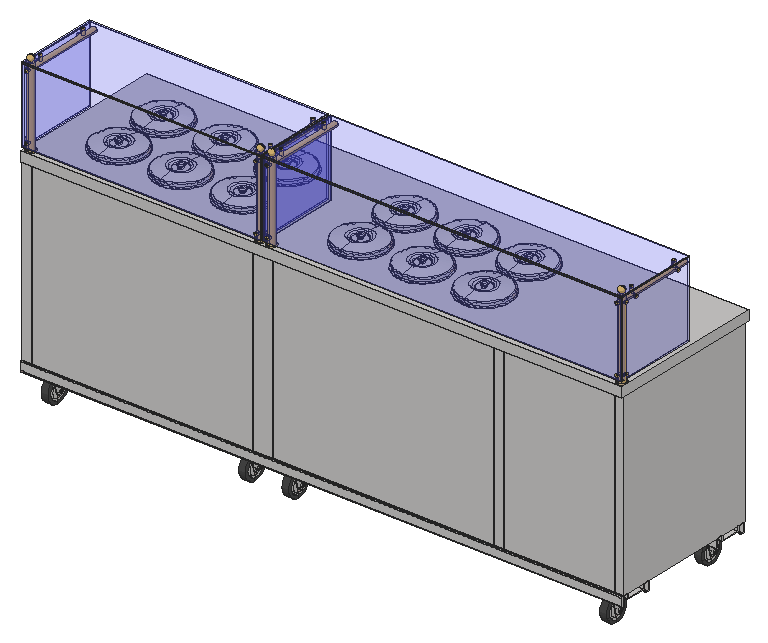
Revit family "Food-Service-Equipment_Oscartek_Pozzetti_PS12", category Specialty Equipment, Revit 2026 (continued)
Automatic sketch dimensions
  Revolve 17 sketch curve to Revolve 17 sketch curve = 1.25"
  Revolve 19 sketch curve to plane 6 "TOP" = 0.00"
  plane 6 "TOP" to Revolve 19 sketch curve = 0.09591"
  Revolve 19 sketch curve to plane 5 "FRONT" = 4.14127"
  Revolve 19 sketch curve to Revolve 19 sketch curve = 0.12788"
  Revolve 19 sketch curve to Revolve 19 sketch curve = 0.01871"
  plane 6 "TOP" to Revolve 19 sketch curve = 0.75631"
  Revolve 19 sketch curve to Revolve 19 sketch curve = 0.08296"
  Revolve 19 sketch curve to Revolve 19 sketch curve = 0.01743"
  plane 6 "TOP" to Revolve 19 sketch curve = 1.11611"
  Revolve 19 sketch curve to Revolve 19 sketch curve = 2.0406"
  Revolve 19 sketch curve to Revolve 19 sketch curve = 0.0842"
  plane 6 "TOP" to Revolve 19 sketch curve = 1.03579"
  Revolve 19 sketch curve to Revolve 19 sketch curve = 0.36232"
  plane 6 "TOP" to Revolve 19 sketch curve = 0.82743"
  Revolve 19 sketch curve to Revolve 19 sketch curve = 0.2976"
  Revolve 19 sketch curve to Revolve 19 sketch curve = 0.0692"
  Revolve 19 sketch curve to Revolve 19 sketch curve = 0.71956"
  plane 6 "TOP" to Revolve 19 sketch curve = 1.2383"
  Revolve 19 sketch curve to Revolve 19 sketch curve = 0.05255"
  plane 6 "TOP" to Revolve 19 sketch curve = 1.44972"
  Revolve 19 sketch curve to Revolve 19 sketch curve = 0.05818"
  Revolve 19 sketch curve to Revolve 19 sketch curve = 0.03836"
  Revolve 19 sketch curve to Revolve 19 sketch curve = 0.00973"
  Revolve 19 sketch curve to Revolve 19 sketch curve = 0.13923"
  Revolve 19 sketch curve to Revolve 19 sketch curve = 0.00958"
  plane 6 "TOP" to Revolve 19 sketch curve = 1.15056"
  Revolve 19 sketch curve to Revolve 19 sketch curve = 0.03968"
  plane 6 "TOP" to Revolve 19 sketch curve = 1.55005"
  Revolve 19 sketch curve to Revolve 19 sketch curve = 0.21559"
  Revolve 19 sketch curve to Revolve 19 sketch curve = 0.09403"
  Revolve 19 sketch curve to Revolve 19 sketch curve = 0.04537"
  Revolve 19 sketch curve to Revolve 19 sketch curve = 0.21383"
  Revolve 19 sketch curve to Revolve 19 sketch curve = 0.02182"
  Revolve 19 sketch curve to Revolve 19 sketch curve = 0.09749"
  Revolve 19 sketch curve to Revolve 19 sketch curve = 0.00"  (x2)
  Revolve 19 sketch curve to Revolve 19 sketch curve = 1.25"
  Revolve 22 sketch curve to plane 6 "TOP" = 0.00"
  plane 6 "TOP" to Revolve 22 sketch curve = 0.09591"
  Revolve 22 sketch curve to plane 5 "FRONT" = 4.14127"
  Revolve 22 sketch curve to Revolve 22 sketch curve = 0.12788"
  Revolve 22 sketch curve to Revolve 22 sketch curve = 0.01871"
  plane 6 "TOP" to Revolve 22 sketch curve = 0.75631"
  Revolve 22 sketch curve to Revolve 22 sketch curve = 0.08296"
  Revolve 22 sketch curve to Revolve 22 sketch curve = 0.01743"
  plane 6 "TOP" to Revolve 22 sketch curve = 1.11611"
  Revolve 22 sketch curve to Revolve 22 sketch curve = 2.0406"
  Revolve 22 sketch curve to Revolve 22 sketch curve = 0.0842"
  plane 6 "TOP" to Revolve 22 sketch curve = 1.03579"
  Revolve 22 sketch curve to Revolve 22 sketch curve = 0.36232"
  plane 6 "TOP" to Revolve 22 sketch curve = 0.82743"
  Revolve 22 sketch curve to Revolve 22 sketch curve = 0.2976"
  Revolve 22 sketch curve to Revolve 22 sketch curve = 0.0692"
  Revolve 22 sketch curve to Revolve 22 sketch curve = 0.71956"
  plane 6 "TOP" to Revolve 22 sketch curve = 1.2383"
  Revolve 22 sketch curve to Revolve 22 sketch curve = 0.05255"
  plane 6 "TOP" to Revolve 22 sketch curve = 1.44972"
  Revolve 22 sketch curve to Revolve 22 sketch curve = 0.05818"
  Revolve 22 sketch curve to Revolve 22 sketch curve = 0.03836"
  Revolve 22 sketch curve to Revolve 22 sketch curve = 0.00973"
  Revolve 22 sketch curve to Revolve 22 sketch curve = 0.13923"
  Revolve 22 sketch curve to Revolve 22 sketch curve = 0.00958"
  plane 6 "TOP" to Revolve 22 sketch curve = 1.15056"
  Revolve 22 sketch curve to Revolve 22 sketch curve = 0.03968"
  plane 6 "TOP" to Revolve 22 sketch curve = 1.55005"
  Revolve 22 sketch curve to Revolve 22 sketch curve = 0.21559"
  Revolve 22 sketch curve to Revolve 22 sketch curve = 0.09403"
  Revolve 22 sketch curve to Revolve 22 sketch curve = 0.04537"
  Revolve 22 sketch curve to Revolve 22 sketch curve = 0.21383"
  Revolve 22 sketch curve to Revolve 22 sketch curve = 0.02182"
  Revolve 22 sketch curve to Revolve 22 sketch curve = 0.09749"
  Revolve 22 sketch curve to Revolve 22 sketch curve = 0.00"  (x2)
  Revolve 22 sketch curve to Revolve 22 sketch curve = 1.25"
  Revolve 24 sketch curve to plane 6 "TOP" = 0.00"
  plane 6 "TOP" to Revolve 24 sketch curve = 0.09591"
  Revolve 24 sketch curve to plane 5 "FRONT" = 4.14127"
  Revolve 24 sketch curve to Revolve 24 sketch curve = 0.12788"
  Revolve 24 sketch curve to Revolve 24 sketch curve = 0.01871"
  plane 6 "TOP" to Revolve 24 sketch curve = 0.75631"
  Revolve 24 sketch curve to Revolve 24 sketch curve = 0.08296"
  Revolve 24 sketch curve to Revolve 24 sketch curve = 0.01743"
  plane 6 "TOP" to Revolve 24 sketch curve = 1.11611"
  Revolve 24 sketch curve to Revolve 24 sketch curve = 2.0406"
  Revolve 24 sketch curve to Revolve 24 sketch curve = 0.0842"
  plane 6 "TOP" to Revolve 24 sketch curve = 1.03579"
  Revolve 24 sketch curve to Revolve 24 sketch curve = 0.36232"
  plane 6 "TOP" to Revolve 24 sketch curve = 0.82743"
  Revolve 24 sketch curve to Revolve 24 sketch curve = 0.2976"
  Revolve 24 sketch curve to Revolve 24 sketch curve = 0.0692"
  Revolve 24 sketch curve to Revolve 24 sketch curve = 0.71956"
  plane 6 "TOP" to Revolve 24 sketch curve = 1.2383"
  Revolve 24 sketch curve to Revolve 24 sketch curve = 0.05255"
  plane 6 "TOP" to Revolve 24 sketch curve = 1.44972"
  Revolve 24 sketch curve to Revolve 24 sketch curve = 0.05818"
  Revolve 24 sketch curve to Revolve 24 sketch curve = 0.03836"
  Revolve 24 sketch curve to Revolve 24 sketch curve = 0.00973"
  Revolve 24 sketch curve to Revolve 24 sketch curve = 0.13923"
  Revolve 24 sketch curve to Revolve 24 sketch curve = 0.00958"
  plane 6 "TOP" to Revolve 24 sketch curve = 1.15056"
  Revolve 24 sketch curve to Revolve 24 sketch curve = 0.03968"
  plane 6 "TOP" to Revolve 24 sketch curve = 1.55005"
  Revolve 24 sketch curve to Revolve 24 sketch curve = 0.21559"
  Revolve 24 sketch curve to Revolve 24 sketch curve = 0.09403"
  Revolve 24 sketch curve to Revolve 24 sketch curve = 0.04537"
  Revolve 24 sketch curve to Revolve 24 sketch curve = 0.21383"
  Revolve 24 sketch curve to Revolve 24 sketch curve = 0.02182"
  Revolve 24 sketch curve to Revolve 24 sketch curve = 0.09749"
  Revolve 24 sketch curve to Revolve 24 sketch curve = 0.00"  (x2)
  Revolve 24 sketch curve to Revolve 24 sketch curve = 1.25"
  Blend 26 sketch curve to Blend 26 sketch curve = 0.9097"
  Blend 26 sketch curve to Blend 26 sketch curve = 4.58267"
  Blend 26 sketch curve to Blend 26 sketch curve = 0.08948"
  Blend 26 sketch curve to Blend 26 sketch curve = 0.0998"
  Blend 26 sketch curve to Blend 26 sketch curve = 1.21935"
  Blend 26 sketch curve to Blend 26 sketch curve = 1.24822"
  Blend 26 sketch curve to Blend 26 sketch curve = 0.10214"
  Blend 26 sketch curve to Blend 26 sketch curve = 7.00061"
  Extrusion 27 sketch curve to Extrusion 27 sketch curve = 0.02358"  (x2)
  Extrusion 27 sketch curve to Extrusion 27 sketch curve = 0.00"  (x13)
  Extrusion 27 sketch curve to Extrusion 27 sketch curve = 0.37226"  (x4)
  Extrusion 27 sketch curve to Extrusion 27 sketch curve = 0.12255"  (x2)
  Extrusion 27 sketch curve to Extrusion 27 sketch curve = 0.01905"
  Extrusion 27 sketch curve to Extrusion 27 sketch curve = 0.12213"
  Extrusion 27 sketch curve to Extrusion 27 sketch curve = 0.52756"  (x4)
  Extrusion 27 sketch curve to Extrusion 27 sketch curve = 0.08268"  (x4)
  Extrusion 27 sketch curve to Extrusion 27 sketch curve = 0.05488"  (x2)
  Extrusion 27 sketch curve to Extrusion 27 sketch curve = 0.0278"
  Extrusion 28 sketch curve to Extrusion 28 sketch curve = 0.9097"
  Extrusion 28 sketch curve to Extrusion 28 sketch curve = 2.10228"
  Extrusion 29 sketch curve to Extrusion 29 sketch curve = 0.00"  (x15)
  Extrusion 29 sketch curve to Extrusion 29 sketch curve = 0.37226"  (x3)
  Extrusion 29 sketch curve to Extrusion 29 sketch curve = 0.12255"  (x2)
  Extrusion 29 sketch curve to Extrusion 29 sketch curve = 0.52756"  (x4)
  Extrusion 29 sketch curve to Extrusion 29 sketch curve = 0.08268"  (x4)
  Extrusion 29 sketch curve to Extrusion 29 sketch curve = 0.05488"  (x2)
  Extrusion 1 sketch curve to plane 5 "FRONT" = 0.00"
  Extrusion 1 sketch curve to plane 1 "BACK" = 0.00"
  Extrusion 1 sketch curve to plane 6 "TOP" = 0.00"
  Extrusion 1 sketch curve to plane 6 "TOP" = 1.5748"
  Extrusion 3 sketch curve to plane 9 = 0.00"  (x2)
  Extrusion 3 sketch curve to plane 1 "BACK" = 0.93066"
  Extrusion 3 sketch curve to Extrusion 3 sketch curve = 0.05905"  (x5)
  Extrusion 3 sketch curve to Extrusion 3 sketch curve = 0.00481"  (x2)
  Extrusion 3 sketch curve to Extrusion 3 sketch curve = 0.00787"  (x4)
  Extrusion 3 sketch curve to Extrusion 3 sketch curve = 0.3574"
  Extrusion 3 sketch curve to Extrusion 3 sketch curve = 1.00394"
  Extrusion 3 sketch curve to plane 9 = 0.72835"
  Extrusion 3 sketch curve to Extrusion 3 sketch curve = 3.22082"
  Extrusion 3 sketch curve to Extrusion 3 sketch curve = 0.00752"  (x2)
  Extrusion 3 sketch curve to Extrusion 3 sketch curve = 0.00915"  (x2)
  Extrusion 3 sketch curve to Extrusion 3 sketch curve = 0.72405"
  Extrusion 3 sketch curve to Extrusion 3 sketch curve = 0.3528"
  Extrusion 3 sketch curve to Extrusion 3 sketch curve = 1.00596"
  Extrusion 3 sketch curve to Extrusion 3 sketch curve = 0.00457"
  Extrusion 3 sketch curve to Extrusion 3 sketch curve = 0.66837"
  Extrusion 3 sketch curve to Extrusion 3 sketch curve = 0.66929"
  Extrusion 5 sketch curve to plane 5 "FRONT" = 0.3712"
  Extrusion 5 sketch curve to plane 6 "TOP" = 1.5748"  (x2)
  plane 9 to Extrusion 5 sketch curve = 1.53149"  (x2)
  Extrusion 5 sketch curve to Extrusion 5 sketch curve = 1.57"
  plane 1 "BACK" to Extrusion 5 sketch curve = 2.38255"
  plane 1 "BACK" to Extrusion 5 sketch curve = 0.81255"
  Extrusion 6 sketch curve to plane 3 "LEFT" = 0.00"
  plane 4 "RIGHT" to Extrusion 6 sketch curve = 0.00"
  plane 3 "LEFT" to Extrusion 6 sketch curve = 1.5748"
  Extrusion 6 sketch curve to plane 6 "TOP" = 1.5748"  (x4)
  Extrusion 6 sketch curve to plane 7 "Center Y" = 11.43948"
  plane 9 to Extrusion 6 sketch curve = 1.53149"  (x4)
  Extrusion 6 sketch curve to Extrusion 6 sketch curve = 3.18897"
  plane 11 to Extrusion 6 sketch curve = 17.74328"
  Extrusion 6 sketch curve to Extrusion 6 sketch curve = 1.59448"
  Extrusion 6 sketch curve to Extrusion 6 sketch curve = 1.5748"
  Extrusion 11 sketch curve to Extrusion 6 = 12.06144"  (x2)
  Extrusion 11 sketch curve to Extrusion 6 = 3.6784"  (x2)
  Extrusion 11 sketch curve to Extrusion 11 sketch curve = 0.00"  (x2)
  Extrusion 6 to Extrusion 11 sketch curve = 77.1702"
  Extrusion 11 sketch curve to Extrusion 11 sketch curve = 5.51335"
  Extrusion 11 sketch curve to Extrusion 11 sketch curve = 1.50"  (x2)
  Extrusion 11 sketch curve to Extrusion 11 sketch curve = 32.35665"
  Extrusion 11 sketch curve to Extrusion 11 sketch curve = 7.01371"
  Extrusion 12 sketch curve to plane 5 "FRONT" = 0.3712"
  Extrusion 12 sketch curve to plane 6 "TOP" = 1.5748"  (x2)
  plane 9 to Extrusion 12 sketch curve = 1.53149"  (x2)
  Extrusion 12 sketch curve to Extrusion 12 sketch curve = 1.57"
  plane 1 "BACK" to Extrusion 12 sketch curve = 2.38255"
  plane 1 "BACK" to Extrusion 12 sketch curve = 0.81255"
  Revolve 14 sketch curve to plane 6 "TOP" = 0.00"
  plane 6 "TOP" to Revolve 14 sketch curve = 0.09591"
  plane 1 "BACK" to Revolve 14 sketch curve = 4.07584"
  Revolve 14 sketch curve to Revolve 14 sketch curve = 0.12788"
  Revolve 14 sketch curve to Revolve 14 sketch curve = 0.01871"
  plane 6 "TOP" to Revolve 14 sketch curve = 0.75631"
  Revolve 14 sketch curve to Revolve 14 sketch curve = 0.08296"
  Revolve 14 sketch curve to Revolve 14 sketch curve = 0.01743"
  plane 6 "TOP" to Revolve 14 sketch curve = 1.11611"
  Revolve 14 sketch curve to Revolve 14 sketch curve = 2.0406"
  Revolve 14 sketch curve to Revolve 14 sketch curve = 0.0842"
  plane 6 "TOP" to Revolve 14 sketch curve = 1.03579"
  Revolve 14 sketch curve to Revolve 14 sketch curve = 0.36232"
  plane 6 "TOP" to Revolve 14 sketch curve = 0.82743"
  Revolve 14 sketch curve to Revolve 14 sketch curve = 0.2976"
  Revolve 14 sketch curve to Revolve 14 sketch curve = 0.0692"
  Revolve 14 sketch curve to Revolve 14 sketch curve = 0.71956"
  plane 6 "TOP" to Revolve 14 sketch curve = 1.2383"
  Revolve 14 sketch curve to Revolve 14 sketch curve = 0.05255"
  plane 6 "TOP" to Revolve 14 sketch curve = 1.44972"
  Revolve 14 sketch curve to Revolve 14 sketch curve = 0.05818"
  Revolve 14 sketch curve to Revolve 14 sketch curve = 0.03836"
  Revolve 14 sketch curve to Revolve 14 sketch curve = 0.00973"
  Revolve 14 sketch curve to Revolve 14 sketch curve = 0.13923"
  Revolve 14 sketch curve to Revolve 14 sketch curve = 0.00958"
  plane 6 "TOP" to Revolve 14 sketch curve = 1.15056"
  Revolve 14 sketch curve to Revolve 14 sketch curve = 0.03968"
  plane 6 "TOP" to Revolve 14 sketch curve = 1.55005"
  Revolve 14 sketch curve to Revolve 14 sketch curve = 0.21559"
  Revolve 14 sketch curve to Revolve 14 sketch curve = 0.09403"
  Revolve 14 sketch curve to Revolve 14 sketch curve = 0.04537"
  Revolve 14 sketch curve to Revolve 14 sketch curve = 0.21383"
  Revolve 14 sketch curve to Revolve 14 sketch curve = 0.01004"
  Revolve 14 sketch curve to Revolve 14 sketch curve = 0.09884"
  Revolve 14 sketch curve to Revolve 14 sketch curve = 0.00"  (x2)
  Revolve 14 sketch curve to Revolve 14 sketch curve = 1.25"
  Revolve 16 sketch curve to plane 6 "TOP" = 0.00"
  plane 6 "TOP" to Revolve 16 sketch curve = 0.09591"
  plane 1 "BACK" to Revolve 16 sketch curve = 4.07584"
  Revolve 16 sketch curve to Revolve 16 sketch curve = 0.12788"
  Revolve 16 sketch curve to Revolve 16 sketch curve = 0.01871"
  plane 6 "TOP" to Revolve 16 sketch curve = 0.75631"
  Revolve 16 sketch curve to Revolve 16 sketch curve = 0.08296"
  Revolve 16 sketch curve to Revolve 16 sketch curve = 0.01743"
  plane 6 "TOP" to Revolve 16 sketch curve = 1.11611"
  Revolve 16 sketch curve to Revolve 16 sketch curve = 2.0406"
  Revolve 16 sketch curve to Revolve 16 sketch curve = 0.0842"
  plane 6 "TOP" to Revolve 16 sketch curve = 1.03579"
  Revolve 16 sketch curve to Revolve 16 sketch curve = 0.36232"
  plane 6 "TOP" to Revolve 16 sketch curve = 0.82743"
  Revolve 16 sketch curve to Revolve 16 sketch curve = 0.2976"
  Revolve 16 sketch curve to Revolve 16 sketch curve = 0.0692"
  Revolve 16 sketch curve to Revolve 16 sketch curve = 0.71956"
  plane 6 "TOP" to Revolve 16 sketch curve = 1.2383"
  Revolve 16 sketch curve to Revolve 16 sketch curve = 0.05255"
  plane 6 "TOP" to Revolve 16 sketch curve = 1.44972"
  Revolve 16 sketch curve to Revolve 16 sketch curve = 0.05818"
  Revolve 16 sketch curve to Revolve 16 sketch curve = 0.03836"
  Revolve 16 sketch curve to Revolve 16 sketch curve = 0.00973"
  Revolve 16 sketch curve to Revolve 16 sketch curve = 0.13923"
  Revolve 16 sketch curve to Revolve 16 sketch curve = 0.00958"
  plane 6 "TOP" to Revolve 16 sketch curve = 1.15056"
  Revolve 16 sketch curve to Revolve 16 sketch curve = 0.03968"
  plane 6 "TOP" to Revolve 16 sketch curve = 1.55005"
  Revolve 16 sketch curve to Revolve 16 sketch curve = 0.21559"
  Revolve 16 sketch curve to Revolve 16 sketch curve = 0.09403"
  Revolve 16 sketch curve to Revolve 16 sketch curve = 0.04537"
  Revolve 16 sketch curve to Revolve 16 sketch curve = 0.21383"
  Revolve 16 sketch curve to Revolve 16 sketch curve = 0.01004"
  Revolve 16 sketch curve to Revolve 16 sketch curve = 0.09884"
  Revolve 16 sketch curve to Revolve 16 sketch curve = 0.00"  (x2)
  Revolve 16 sketch curve to Revolve 16 sketch curve = 1.25"
  Revolve 18 sketch curve to plane 6 "TOP" = 0.00"
  plane 6 "TOP" to Revolve 18 sketch curve = 0.09591"
  plane 1 "BACK" to Revolve 18 sketch curve = 4.07584"
  Revolve 18 sketch curve to Revolve 18 sketch curve = 0.12788"
  Revolve 18 sketch curve to Revolve 18 sketch curve = 0.01871"
  plane 6 "TOP" to Revolve 18 sketch curve = 0.75631"
  Revolve 18 sketch curve to Revolve 18 sketch curve = 0.08296"
  Revolve 18 sketch curve to Revolve 18 sketch curve = 0.01743"
  plane 6 "TOP" to Revolve 18 sketch curve = 1.11611"
  Revolve 18 sketch curve to Revolve 18 sketch curve = 2.0406"
  Revolve 18 sketch curve to Revolve 18 sketch curve = 0.0842"
  plane 6 "TOP" to Revolve 18 sketch curve = 1.03579"
  Revolve 18 sketch curve to Revolve 18 sketch curve = 0.36232"
  plane 6 "TOP" to Revolve 18 sketch curve = 0.82743"
  Revolve 18 sketch curve to Revolve 18 sketch curve = 0.2976"
  Revolve 18 sketch curve to Revolve 18 sketch curve = 0.0692"
  Revolve 18 sketch curve to Revolve 18 sketch curve = 0.71956"
  plane 6 "TOP" to Revolve 18 sketch curve = 1.2383"
  Revolve 18 sketch curve to Revolve 18 sketch curve = 0.05255"
  plane 6 "TOP" to Revolve 18 sketch curve = 1.44972"
  Revolve 18 sketch curve to Revolve 18 sketch curve = 0.05818"
  Revolve 18 sketch curve to Revolve 18 sketch curve = 0.03836"
  Revolve 18 sketch curve to Revolve 18 sketch curve = 0.00973"
  Revolve 18 sketch curve to Revolve 18 sketch curve = 0.13923"
  Revolve 18 sketch curve to Revolve 18 sketch curve = 0.00958"
  plane 6 "TOP" to Revolve 18 sketch curve = 1.15056"
  Revolve 18 sketch curve to Revolve 18 sketch curve = 0.03968"
  plane 6 "TOP" to Revolve 18 sketch curve = 1.55005"
  Revolve 18 sketch curve to Revolve 18 sketch curve = 0.21559"
  Revolve 18 sketch curve to Revolve 18 sketch curve = 0.09403"
  Revolve 18 sketch curve to Revolve 18 sketch curve = 0.04537"
  Revolve 18 sketch curve to Revolve 18 sketch curve = 0.21383"
  Revolve 18 sketch curve to Revolve 18 sketch curve = 0.01004"
  Revolve 18 sketch curve to Revolve 18 sketch curve = 0.09884"
  Revolve 18 sketch curve to Revolve 18 sketch curve = 0.00"  (x2)
  Revolve 18 sketch curve to Revolve 18 sketch curve = 1.25"
  Revolve 20 sketch curve to plane 6 "TOP" = 0.00"
  plane 6 "TOP" to Revolve 20 sketch curve = 0.09591"
  plane 1 "BACK" to Revolve 20 sketch curve = 4.07584"
  Revolve 20 sketch curve to Revolve 20 sketch curve = 0.12788"
  Revolve 20 sketch curve to Revolve 20 sketch curve = 0.01871"
  plane 6 "TOP" to Revolve 20 sketch curve = 0.75631"
  Revolve 20 sketch curve to Revolve 20 sketch curve = 0.08296"
  Revolve 20 sketch curve to Revolve 20 sketch curve = 0.01743"
  plane 6 "TOP" to Revolve 20 sketch curve = 1.11611"
  Revolve 20 sketch curve to Revolve 20 sketch curve = 2.0406"
  Revolve 20 sketch curve to Revolve 20 sketch curve = 0.0842"
  plane 6 "TOP" to Revolve 20 sketch curve = 1.03579"
  Revolve 20 sketch curve to Revolve 20 sketch curve = 0.36232"
  plane 6 "TOP" to Revolve 20 sketch curve = 0.82743"
  Revolve 20 sketch curve to Revolve 20 sketch curve = 0.2976"
  Revolve 20 sketch curve to Revolve 20 sketch curve = 0.0692"
  Revolve 20 sketch curve to Revolve 20 sketch curve = 0.71956"
  plane 6 "TOP" to Revolve 20 sketch curve = 1.2383"
  Revolve 20 sketch curve to Revolve 20 sketch curve = 0.05255"
  plane 6 "TOP" to Revolve 20 sketch curve = 1.44972"
  Revolve 20 sketch curve to Revolve 20 sketch curve = 0.05818"
  Revolve 20 sketch curve to Revolve 20 sketch curve = 0.03836"
  Revolve 20 sketch curve to Revolve 20 sketch curve = 0.00973"
  Revolve 20 sketch curve to Revolve 20 sketch curve = 0.13923"
  Revolve 20 sketch curve to Revolve 20 sketch curve = 0.00958"
  plane 6 "TOP" to Revolve 20 sketch curve = 1.15056"
  Revolve 20 sketch curve to Revolve 20 sketch curve = 0.03968"
  plane 6 "TOP" to Revolve 20 sketch curve = 1.55005"
  Revolve 20 sketch curve to Revolve 20 sketch curve = 0.21559"
  Revolve 20 sketch curve to Revolve 20 sketch curve = 0.09403"
  Revolve 20 sketch curve to Revolve 20 sketch curve = 0.04537"
  Revolve 20 sketch curve to Revolve 20 sketch curve = 0.21383"
  Revolve 20 sketch curve to Revolve 20 sketch curve = 0.01004"
  Revolve 20 sketch curve to Revolve 20 sketch curve = 0.09884"
  Revolve 20 sketch curve to Revolve 20 sketch curve = 0.00"  (x2)
  Revolve 20 sketch curve to Revolve 20 sketch curve = 1.25"
  Extrusion 21 sketch curve to plane 5 "FRONT" = 0.3712"
  Extrusion 21 sketch curve to plane 6 "TOP" = 1.5748"  (x2)
  plane 9 to Extrusion 21 sketch curve = 1.53149"  (x2)
  Extrusion 21 sketch curve to Extrusion 21 sketch curve = 1.57"
  plane 1 "BACK" to Extrusion 21 sketch curve = 2.38255"
  plane 1 "BACK" to Extrusion 21 sketch curve = 0.81255"
  Revolve 23 sketch curve to plane 6 "TOP" = 0.00"
  plane 6 "TOP" to Revolve 23 sketch curve = 0.09591"
  plane 1 "BACK" to Revolve 23 sketch curve = 4.07584"
  Revolve 23 sketch curve to Revolve 23 sketch curve = 0.12788"
  Revolve 23 sketch curve to Revolve 23 sketch curve = 0.01871"
  plane 6 "TOP" to Revolve 23 sketch curve = 0.75631"
  Revolve 23 sketch curve to Revolve 23 sketch curve = 0.08296"
  Revolve 23 sketch curve to Revolve 23 sketch curve = 0.01743"
  plane 6 "TOP" to Revolve 23 sketch curve = 1.11611"
  Revolve 23 sketch curve to Revolve 23 sketch curve = 2.0406"
  Revolve 23 sketch curve to Revolve 23 sketch curve = 0.0842"
  plane 6 "TOP" to Revolve 23 sketch curve = 1.03579"
  Revolve 23 sketch curve to Revolve 23 sketch curve = 0.36232"
  plane 6 "TOP" to Revolve 23 sketch curve = 0.82743"
  Revolve 23 sketch curve to Revolve 23 sketch curve = 0.2976"
  Revolve 23 sketch curve to Revolve 23 sketch curve = 0.0692"
  Revolve 23 sketch curve to Revolve 23 sketch curve = 0.71956"
  plane 6 "TOP" to Revolve 23 sketch curve = 1.2383"
  Revolve 23 sketch curve to Revolve 23 sketch curve = 0.05255"
  plane 6 "TOP" to Revolve 23 sketch curve = 1.44972"
  Revolve 23 sketch curve to Revolve 23 sketch curve = 0.05818"
  Revolve 23 sketch curve to Revolve 23 sketch curve = 0.03836"
  Revolve 23 sketch curve to Revolve 23 sketch curve = 0.00973"
  Revolve 23 sketch curve to Revolve 23 sketch curve = 0.13923"
  Revolve 23 sketch curve to Revolve 23 sketch curve = 0.00958"
  plane 6 "TOP" to Revolve 23 sketch curve = 1.15056"
  Revolve 23 sketch curve to Revolve 23 sketch curve = 0.03968"
  plane 6 "TOP" to Revolve 23 sketch curve = 1.55005"
  Revolve 23 sketch curve to Revolve 23 sketch curve = 0.21559"
  Revolve 23 sketch curve to Revolve 23 sketch curve = 0.09403"
  Revolve 23 sketch curve to Revolve 23 sketch curve = 0.04537"
  Revolve 23 sketch curve to Revolve 23 sketch curve = 0.21383"
  Revolve 23 sketch curve to Revolve 23 sketch curve = 0.01004"
  Revolve 23 sketch curve to Revolve 23 sketch curve = 0.09884"
  Revolve 23 sketch curve to Revolve 23 sketch curve = 0.00"  (x2)
  Revolve 23 sketch curve to Revolve 23 sketch curve = 1.25"
  Revolve 25 sketch curve to plane 6 "TOP" = 0.00"
  plane 6 "TOP" to Revolve 25 sketch curve = 0.09591"
  plane 1 "BACK" to Revolve 25 sketch curve = 4.07584"
  Revolve 25 sketch curve to Revolve 25 sketch curve = 0.12788"
  Revolve 25 sketch curve to Revolve 25 sketch curve = 0.01871"
  plane 6 "TOP" to Revolve 25 sketch curve = 0.75631"
  Revolve 25 sketch curve to Revolve 25 sketch curve = 0.08296"
  Revolve 25 sketch curve to Revolve 25 sketch curve = 0.01743"
  plane 6 "TOP" to Revolve 25 sketch curve = 1.11611"
  Revolve 25 sketch curve to Revolve 25 sketch curve = 2.0406"
  Revolve 25 sketch curve to Revolve 25 sketch curve = 0.0842"
  plane 6 "TOP" to Revolve 25 sketch curve = 1.03579"
  Revolve 25 sketch curve to Revolve 25 sketch curve = 0.36232"
  plane 6 "TOP" to Revolve 25 sketch curve = 0.82743"
  Revolve 25 sketch curve to Revolve 25 sketch curve = 0.2976"
  Revolve 25 sketch curve to Revolve 25 sketch curve = 0.0692"
  Revolve 25 sketch curve to Revolve 25 sketch curve = 0.71956"
  plane 6 "TOP" to Revolve 25 sketch curve = 1.2383"
  Revolve 25 sketch curve to Revolve 25 sketch curve = 0.05255"
  plane 6 "TOP" to Revolve 25 sketch curve = 1.44972"
  Revolve 25 sketch curve to Revolve 25 sketch curve = 0.05818"
  Revolve 25 sketch curve to Revolve 25 sketch curve = 0.03836"
  Revolve 25 sketch curve to Revolve 25 sketch curve = 0.00973"
  Revolve 25 sketch curve to Revolve 25 sketch curve = 0.13923"
  Revolve 25 sketch curve to Revolve 25 sketch curve = 0.00958"
  plane 6 "TOP" to Revolve 25 sketch curve = 1.15056"
  Revolve 25 sketch curve to Revolve 25 sketch curve = 0.03968"
  plane 6 "TOP" to Revolve 25 sketch curve = 1.55005"
  Revolve 25 sketch curve to Revolve 25 sketch curve = 0.21559"
  Revolve 25 sketch curve to Revolve 25 sketch curve = 0.09403"
  Revolve 25 sketch curve to Revolve 25 sketch curve = 0.04537"
  Revolve 25 sketch curve to Revolve 25 sketch curve = 0.21383"
  Revolve 25 sketch curve to Revolve 25 sketch curve = 0.01004"
  Revolve 25 sketch curve to Revolve 25 sketch curve = 0.09884"
  Revolve 25 sketch curve to Revolve 25 sketch curve = 0.00"  (x2)
  Revolve 25 sketch curve to Revolve 25 sketch curve = 1.25"
  plane 3 "LEFT" to Extrusion 30 sketch curve = 1.5748"
  plane 4 "RIGHT" to Extrusion 30 sketch curve = 1.5748"
  plane 9 to Extrusion 30 sketch curve = 1.53149"
  Extrusion 30 sketch curve to Extrusion 30 sketch curve = 0.50"
  Split face 1 sketch curve to Extrusion 1 = 0.00"
  Extrusion 1 to Split face 1 sketch curve = 0.00"
  Split face 1 sketch curve to Extrusion 1 = 39.37"
  curve 5 to curve 6 = 0.00"  (x2)
  curve 7 to curve 55 = 0.00"
  curve 7 to curve 56 = 0.00"
  curve 9 to curve 10 = 0.00"  (x2)
  curve 11 to curve 53 = 0.00"
  curve 11 to curve 54 = 0.00"
  curve 13 to curve 14 = 0.00"  (x2)
  curve 15 to curve 59 = 0.00"  (x2)
  curve 17 to curve 18 = 0.00"  (x2)
  curve 19 to curve 57 = 0.00"  (x2)
  curve 19 to curve 58 = 0.00"
  curve 21 to curve 22 = 0.00"  (x2)
  curve 25 to curve 26 = 0.00"  (x2)
  curve 29 to curve 30 = 0.00"  (x2)
  curve 33 to curve 34 = 0.00"  (x2)
  curve 37 to curve 38 = 0.00"  (x2)
  curve 41 to curve 42 = 0.00"  (x2)
  curve 45 to curve 46 = 0.00"  (x2)
  curve 49 to curve 50 = 0.00"  (x2)
  curve 53 to curve 54 = 0.00"  (x2)
  curve 55 to curve 56 = 0.00"  (x2)
  curve 57 to curve 58 = 0.00"
  curve 59 to curve 60 = 0.00"  (x2)
  curve 61 to curve 62 = 0.00"  (x2)
  curve 63 to curve 64 = 0.00"  (x2)
  curve 65 to curve 66 = 0.00"  (x2)
  curve 67 to curve 68 = 0.00"  (x2)
  curve 69 to curve 70 = 0.00"  (x2)
  curve 71 to curve 72 = 0.00"  (x2)
  curve 73 to curve 74 = 0.00"  (x2)
  curve 75 to curve 76 = 0.00"  (x2)
  curve 3 to plane 3 "LEFT" = 0.00"
  plane 1 "BACK" to curve 77 = 0.00"
  plane 5 "FRONT" to curve 77 = 0.00"
  curve 4 to plane 4 "RIGHT" = 0.00"
  curve 55 to plane 8 "Center X" = 4.50335"
  plane 3 "LEFT" to curve 55 = 9.40229"
  curve 54 to curve 7 = 0.00"
  curve 12 to curve 11 = 0.00"
  curve 8 to curve 7 = 0.00"
  curve 12 to curve 10 = 0.125"
  curve 8 to curve 6 = 0.125"
  curve 13 to plane 8 "Center X" = 4.50192"
  curve 5 to curve 13 = 9.99528"
  curve 15 to curve 13 = 0.00"
  curve 16 to curve 13 = 0.00"
  curve 57 to curve 13 = 0.00"
  curve 18 to curve 19 = 0.00"
  curve 20 to curve 19 = 0.00"
  curve 64 to plane 8 "Center X" = 4.50335"
  curve 59 to curve 64 = 10.14168"
  curve 62 to curve 63 = 0.00"
  curve 61 to curve 27 = 0.00023"
  curve 63 to curve 22 = 0.00023"
  curve 61 to curve 26 = 0.00023"
  curve 24 to curve 21 = 0.00"
  curve 28 to curve 27 = 0.00"
  curve 63 to curve 23 = 0.00023"
  curve 68 to plane 7 "Center Y" = 0.29879"
  curve 66 to plane 7 "Center Y" = 0.29879"
  curve 67 to curve 31 = 0.00023"
  curve 29 to curve 31 = 0.00"
  curve 32 to curve 29 = 0.00"
  curve 65 to curve 33 = 0.00023"
  curve 65 to curve 35 = 0.00023"
  curve 36 to curve 35 = 0.00"
  plane 8 "Center X" to curve 69 = 4.56585"
  plane 7 "Center Y" to curve 69 = 9.83316"
  curve 71 to plane 8 "Center X" = 4.50335"
  curve 71 to curve 69 = 0.00"
  curve 69 to curve 50 = 0.00023"
  curve 71 to curve 47 = 0.00023"
  curve 46 to curve 47 = 0.00"
  curve 69 to curve 52 = 0.00023"
  curve 48 to curve 45 = 0.00"
  curve 51 to curve 52 = 0.00"
  plane 8 "Center X" to curve 74 = 4.56585"
  curve 49 to curve 74 = 10.13708"
  curve 75 to plane 8 "Center X" = 4.50335"
  curve 75 to curve 73 = 0.00"
  curve 75 to curve 40 = 0.00023"
  curve 73 to curve 43 = 0.00023"
  curve 44 to curve 43 = 0.00"
  curve 75 to curve 39 = 0.00023"
  curve 37 to curve 40 = 0.00"
  curve 73 to curve 41 = 0.00023"
  curve 31 to plane 8 "Center X" = 4.50335"
  curve 71 to curve 47 = 0.00"
  curve 68 to curve 31 = 0.00"
  curve 63 to curve 23 = 0.00"
  curve 15 to curve 13 = 0.00143"
  curve 75 to curve 39 = 0.00"
  curve 16 to curve 13 = 0.00041"
  curve 31 to curve 32 = 0.00102"
  curve 39 to curve 40 = 0.00102"
  curve 47 to curve 48 = 0.00102"
  curve 23 to curve 24 = 0.00102"
  curve 7 to curve 8 = 0.00102"
  curve 24 to curve 22 = 0.00041"
  curve 48 to curve 46 = 0.00041"
  curve 32 to curve 29 = 0.00041"
  curve 8 to curve 5 = 0.00041"
  curve 40 to curve 38 = 0.00041"
  plane 8 "Center X" to curve 17 = 4.54879"
  plane 8 "Center X" to curve 9 = 4.54879"
  curve 42 to curve 73 = 0.00143"
  curve 49 to curve 69 = 0.00143"
  plane 8 "Center X" to curve 33 = 4.56442"
  plane 8 "Center X" to curve 25 = 4.56442"
  curve 17 to curve 20 = 0.01603"
  curve 9 to curve 12 = 0.01603"
  curve 33 to curve 66 = 0.00143"
  curve 12 to curve 53 = 0.00102"
  curve 20 to curve 57 = 0.00102"
  curve 25 to curve 61 = 0.00143"
  curve 61 to curve 28 = 0.01461"
  curve 73 to curve 44 = 0.01461"
  curve 69 to curve 52 = 0.01461"
  curve 65 to curve 36 = 0.01461"
  curve 52 to curve 51 = 0.00102"
  curve 28 to curve 27 = 0.00102"
  curve 36 to curve 35 = 0.00102"
  curve 44 to curve 43 = 0.00102"
  curve 77 to plane 7 "Center Y" = 9.845"
  radius of Extrusion 11 sketch curve = 0.64961"  (x2)
  radius of Extrusion 11 sketch curve = 0.69"  (x2)
  radius of Extrusion 11 sketch curve = 0.59055"  (x2)
  radius of curve 5 = 4.25181"
  radius of curve 6 = 4.10522"
  radius of curve 7 = 0.54261"
  radius of curve 8 = 0.23688"
  radius of curve 9 = 4.25181"
  radius of curve 10 = 4.10522"
  radius of curve 11 = 0.54261"
  radius of curve 12 = 0.23688"
  radius of curve 13 = 4.25181"
  radius of curve 14 = 4.10522"
  radius of curve 15 = 0.54261"
  radius of curve 16 = 0.23688"
  radius of curve 17 = 4.25181"
  radius of curve 18 = 4.10522"
  radius of curve 19 = 0.54261"
  radius of curve 20 = 0.23688"
  radius of curve 21 = 4.25181"
  radius of curve 22 = 4.10522"
  radius of curve 23 = 0.54261"
  radius of curve 24 = 0.23688"
  radius of curve 25 = 4.25181"
  radius of curve 26 = 4.10522"
  radius of curve 27 = 0.54261"
  radius of curve 28 = 0.23688"
  radius of curve 29 = 4.25181"
  radius of curve 30 = 4.10522"
  radius of curve 31 = 0.54261"
  radius of curve 32 = 0.23688"
  radius of curve 33 = 4.25181"
  radius of curve 34 = 4.10522"
  radius of curve 35 = 0.54261"
  radius of curve 36 = 0.23688"
  radius of curve 37 = 4.25181"
  radius of curve 38 = 4.10522"
  radius of curve 39 = 0.54261"
  radius of curve 40 = 0.23688"
  radius of curve 41 = 4.25181"
  radius of curve 42 = 4.10522"
  radius of curve 43 = 0.54261"
  radius of curve 44 = 0.23688"
  radius of curve 45 = 4.25181"
  radius of curve 46 = 4.10522"
  radius of curve 47 = 0.54261"
  radius of curve 48 = 0.23688"
  radius of curve 49 = 4.25181"
  radius of curve 50 = 4.10522"
  radius of curve 51 = 0.54261"
  radius of curve 52 = 0.23688"
  radius of curve 53 = 2.00"
  radius of curve 54 = 1.50"
  radius of curve 55 = 2.00"
  radius of curve 56 = 1.50"
  radius of curve 57 = 2.00"
  radius of curve 58 = 1.50"
  radius of curve 59 = 2.00"
  radius of curve 60 = 1.50"
  radius of curve 61 = 2.00"
  radius of curve 62 = 1.50"
  radius of curve 63 = 2.00"
  radius of curve 64 = 1.50"
  radius of curve 65 = 2.00"
  radius of curve 66 = 1.50"
  radius of curve 67 = 2.00"
  radius of curve 68 = 1.50"
  radius of curve 69 = 2.00"
  radius of curve 70 = 1.50"
  radius of curve 71 = 2.00"
  radius of curve 72 = 1.50"
  radius of curve 73 = 2.00"
  radius of curve 74 = 1.50"
  radius of curve 75 = 2.00"
  radius of curve 76 = 1.50"
Nested families (in)
  nested 1: "L6_C6_01" at (3.54093, -23.19246, 0), Show Casters <- "Show Casters", type "L6_C6_01"
    with Type Mark "", Status "", Specification by User "", Show Legs no, Show Casters yes, Revision Code "", Item Number "", Installed By "", Identify Quantity as Lot yes, Furnished By "", Foodservice Equipment Identifier yes
  nested 2: "L6_C6_01" at (94.88907, -3.80618, 0), Show Casters <- "Show Casters", type "L6_C6_01"
    with Type Mark "", Status "", Specification by User "", Show Legs no, Show Casters yes, Revision Code "", Item Number "", Installed By "", Identify Quantity as Lot yes, Furnished By "", Foodservice Equipment Identifier yes
  nested 3: "Glass" at (0.11994, -11.79, 36.65347), visible <- "Show Sneeze Guard", type "Glass"
    with Lenght 39.09506"
  nested 4: "L6_C6_01" at (35.79093, -23.19246, 0), Show Casters <- "Show Casters", type "L6_C6_01"
    with Type Mark "", Status "", Specification by User "", Show Legs no, Show Casters yes, Revision Code "", Item Number "", Installed By "", Identify Quantity as Lot yes, Furnished By "", Foodservice Equipment Identifier yes
  nested 5: "L6_C6_01" at (42.91593, -23.19246, 0), Show Casters <- "Show Casters", type "L6_C6_01"
    with Type Mark "", Status "", Specification by User "", Show Legs no, Show Casters yes, Revision Code "", Item Number "", Installed By "", Identify Quantity as Lot yes, Furnished By "", Foodservice Equipment Identifier yes
  nested 6: "L6_C6_01" at (94.88907, -23.19246, 0), Show Casters <- "Show Casters", type "L6_C6_01"
    with Type Mark "", Status "", Specification by User "", Show Legs no, Show Casters yes, Revision Code "", Item Number "", Installed By "", Identify Quantity as Lot yes, Furnished By "", Foodservice Equipment Identifier yes
  nested 7: "L6_C6_01" at (3.54093, -3.80618, 0), Show Casters <- "Show Casters", type "L6_C6_01"
    with Type Mark "", Status "", Specification by User "", Show Legs no, Show Casters yes, Revision Code "", Item Number "", Installed By "", Identify Quantity as Lot yes, Furnished By "", Foodservice Equipment Identifier yes
  nested 8: "L6_C6_01" at (35.79093, -3.80618, 0), Show Casters <- "Show Casters", type "L6_C6_01"
    with Type Mark "", Status "", Specification by User "", Show Legs no, Show Casters yes, Revision Code "", Item Number "", Installed By "", Identify Quantity as Lot yes, Furnished By "", Foodservice Equipment Identifier yes
  nested 9: "L6_C6_01" at (42.91593, -3.80618, 0), Show Casters <- "Show Casters", type "L6_C6_01"
    with Type Mark "", Status "", Specification by User "", Show Legs no, Show Casters yes, Revision Code "", Item Number "", Installed By "", Identify Quantity as Lot yes, Furnished By "", Foodservice Equipment Identifier yes
  nested 10: "Glass" at (98.2618, -11.79, 36.65347) x (-1, 0, 0) z (0, 0, 1), visible <- "Show Sneeze Guard", type "Glass"
    with Lenght 58.7368"
Connectors (in)
  electrical at (88.11118, -0.81255, 33.15909), driven by "Volts", driven by "Watts"
    settings: on Blend 26, index 1, voltage 115 V, apparent load 1725 VA, apparent load phase1 0 VA, apparent load phase2 0 VA, apparent load phase3 0 VA, power factor 1, load classification "Other", number of poles 1, system type 30, power factor state 1, is connector primary yes, connector utility no, sub classification motor no, connector description "ELECTRICAL CONNECTION"
  piping at (19.685, -12.87399, 5.6555), diameter 0.5, driven by "Indirect Waste Size"
    settings: on Extrusion 11, index 2, connector inside diameter 24", connector length 0.00", flow factor 0, pipe flow 0 GPM, pressure drop 0.00 psi, fitting loss kfactor 0, connector angle 0.00°, fixture units 0, engagement length 0.00", angle of deflection 0.00°, flow configuration 1, flow direction 2, fitting loss method 0, system type 16, joint type 0, gender type 0, connector reference index -1, connector utility 0, adjustable connector no, is connector primary yes, connector description "DRAIN CONNECTION"
  piping at (59.055, -12.87399, 5.6555), diameter 0.5, driven by "Indirect Waste Size"
    settings: on Extrusion 11, index 3, connector inside diameter 24", connector length 0.00", flow factor 0, pipe flow 0 GPM, pressure drop 0.00 psi, fitting loss kfactor 0, connector angle 0.00°, fixture units 0, engagement length 0.00", angle of deflection 0.00°, flow configuration 1, flow direction 2, fitting loss method 0, system type 16, joint type 0, gender type 0, connector reference index -1, connector utility 0, adjustable connector no, is connector primary no, connector description "DRAIN CONNECTION"
  piping at (25.19835, -21.7404, 5.6555), diameter 0.38
    settings: on Extrusion 11, index 4, connector inside diameter 24", connector length 0.00", flow factor 0, pipe flow 0 GPM, pressure drop 0.00 psi, fitting loss kfactor 0, connector angle 0.00°, fixture units 0, engagement length 0.00", angle of deflection 0.00°, flow configuration 1, flow direction 1, fitting loss method 0, system type 7, joint type 0, gender type 0, connector reference index -1, connector utility 0, adjustable connector no, is connector primary no, connector description "LIQUID LINE"
  piping at (26.69835, -21.7404, 5.6555), diameter 0.63
    settings: on Extrusion 11, index 5, connector inside diameter 24", connector length 0.00", flow factor 0, pipe flow 0 GPM, pressure drop 0.00 psi, fitting loss kfactor 0, connector angle 0.00°, fixture units 0, engagement length 0.00", angle of deflection 0.00°, flow configuration 1, flow direction 1, fitting loss method 0, system type 7, joint type 0, gender type 0, connector reference index -1, connector utility 0, adjustable connector no, is connector primary no, connector description "SUCTION LINE"
  piping at (66.06871, -21.7404, 5.6555), diameter 0.38
    settings: on Extrusion 11, index 6, connector inside diameter 24", connector length 0.00", flow factor 0, pipe flow 0 GPM, pressure drop 0.00 psi, fitting loss kfactor 0, connector angle 0.00°, fixture units 0, engagement length 0.00", angle of deflection 0.00°, flow configuration 1, flow direction 1, fitting loss method 0, system type 7, joint type 0, gender type 0, connector reference index -1, connector utility 0, adjustable connector no, is connector primary no, connector description "LIQUID LINE"
  piping at (67.56871, -21.7404, 5.6555), diameter 0.63
    settings: on Extrusion 11, index 7, connector inside diameter 24", connector length 0.00", flow factor 0, pipe flow 0 GPM, pressure drop 0.00 psi, fitting loss kfactor 0, connector angle 0.00°, fixture units 0, engagement length 0.00", angle of deflection 0.00°, flow configuration 1, flow direction 1, fitting loss method 0, system type 7, joint type 0, gender type 0, connector reference index -1, connector utility 0, adjustable connector no, is connector primary no, connector description "SUCTION LINE"
Definition of nested family "L6_C6_01"
  Parameters
    Weight = ""
    URL Manufacturer = ""
    URL Cutsheet = ""
    URL = ""
    Type Mark [instance] = ""
    Status [instance] = ""
    Specification by User [instance] = ""
    Specification by Manufacturer = ""
    Show Legs [instance] = not(Show Casters)  # no
    Show Casters [instance] = yes
    Serial Number = ""
    Seismic Rating = ""
    SMACNA No = ""
    Revision Code [instance] = ""
    Omniclass Number and Title = ""
    NAFEM Spec ID Number = ""
    Model = ""
    MasterSpec. = ""
    Manufacturer = ""
    Item Number [instance] = ""
    Installed By [instance] = ""
    Identify Quantity as Lot [instance] = yes
    Furnished By [instance] = ""
    Foodservice Equipment Identifier [instance] = yes
    Description = ""
    Default Elevation = 0.00"
    CSI MasterFormat = ""
    CSI Master Format = ""
  Reference planes (in)
    plane 1 "BACK": y = 0
    plane 2: z = 0
    plane 3 "LEFT": x = 0
    plane 4 "RIGHT": x = 0
    plane 5 "FRONT": y = 0
    plane 6 "TOP": z = 5.1
  Forms (in)
    Revolve 1, solid, visible <- "Show Legs"
      sketch origin (0, 11.12172, 0) x (0, -1, 0) y (0, 0, -1)
        loop
          line (11.12172, -5.1) -> (11.12172, 0) -> (10.62172, 0) -> (10.62172, -0.93065) -> (10.37172, -0.93065) -> (10.37172, -5.1) -> (11.12172, -5.1)
        axis (11.12172, 0) -> (11.12172, -5.1)
      angle from 0 to 360
  Dimensions and locks (in)
    plane 6 "TOP" to level = 5.10"  (x2)
    locked: Revolve 1 sketch curve to Revolve 1 sketch curve at 0.75
    aligned and locked: level to plane 2
  Nested families (in)
    nested 1: "5 INCHES 03_CASTER" at (0, 0, 0), visible <- "Show Casters", type "5 INCHES 03_CASTER"
      with Type Mark "", Specification by User "", Revision Code "", Item Number "", Installed By "", Identify Quantity as Lot yes, Furnished By "", Foodservice Equipment Identifier yes
  Definition of nested family "5 INCHES 03_CASTER"
    Parameters
      Weight = ""
      URL Manufacturer = ""
      URL Cutsheet = ""
      URL = ""
      Type Mark [instance] = ""
      Specification by User [instance] = ""
      Specification by Manufacturer = ""
      Serial Number = ""
      Seismic Rating = ""
      SMACNA No = ""
      Revision Code [instance] = ""
      Omniclass Number and Title = ""
      NAFEM Spec ID Number = ""
      Model = ""
      MasterSpec. = ""
      Manufacturer = ""
      Item Number [instance] = ""
      Installed By [instance] = ""
      Identify Quantity as Lot [instance] = yes
      Furnished By [instance] = ""
      Foodservice Equipment Identifier [instance] = yes
      Description = ""
      Default Elevation = 0.00"
      CSI MasterFormat = ""
      CSI Master Format = ""
      Assembly Code = ""
    Reference planes (in)
      plane 1: z = 0
      plane 2 "RIGHT": x = 0
      plane 3 "FRONT": y = 0
      plane 4 "TOP": z = 5.1
    Forms (in)
      Revolve 1, solid
        sketch origin (-1.93794, 0, -1.0041) x (1, 0, 0) y (0, 0, 1)
          loop
            line (0.74055, 3.0041) -> (0.74055, 2.9286) -> (0.79055, 2.8786) -> (0.85055, 2.8786) -> (0.85055, 2.75852) -> (1.235, 2.75852) -> (1.235, 2.56618) -> (1.37557, 2.48502) -> (1.49133, 1.76972) -> (1.34375, 1.76972) -> (1.34375, 1.53535) -> (1.375, 1.53535) -> (1.375, 1.0041) -> (2.48438, 1.0041) -> (2.48438, 1.53535) -> (2.51563, 1.53535) -> (2.51563, 1.76972) -> (2.36805, 1.76972) -> (2.48438, 2.48853) -> (2.62438, 2.56936) -> (2.62438, 2.75852) -> (3.04007, 2.75852) -> (3.04007, 2.8786) -> (3.10007, 2.8786) -> (3.15007, 2.9286) -> (3.15007, 3.0041) -> (0.74055, 3.0041)
          axis (0.74055, 3.0041) -> (3.15007, 3.0041)
        angle from 0 to 360
      Extrusion 2, solid
        sketch origin (-1.93794, 2.02587, -0.7541) x (0, 1, 0) y (0, 0, 1)
          loop
            line (-3.37739, 5.42999) -> (-3.37739, 5.10671) -> (-0.54934, 5.10671) -> (-0.54934, 5.42999) -> (-3.37739, 5.42999)
        from 1.17357 to 2.70231
      Revolve 3, solid
        sketch origin (0, 2.21793, -1.25) x (0, 1, 0) y (0, 0, 1)
          loop
            line (-2.21793, 6.35) -> (-2.21793, 5.92589) -> (-1.05793, 5.92589) -> (-1.05793, 6.35) -> (-2.21793, 6.35)
          axis (-2.21793, 5.92589) -> (-2.21793, 6.35)
        angle from 0 to 360
      Extrusion 4, solid
        sketch origin (-1.98481, 2.02587, -0.7541) x (0, 1, 0) y (0, 0, 1)
          loop
            line (-3.37739, 5.42999) -> (-3.37739, 5.10671) -> (-3.13737, 5.10671) -> (-2.6822, 2.77151)
            arc (-2.6822, 2.77151) -> (-1.96337, 2.17926) -> (-1.24454, 2.77151) r 0.73236
            line (-1.24454, 2.77151) -> (-0.78937, 5.10671) -> (-0.54934, 5.10671) -> (-0.54934, 5.42999) -> (-3.37739, 5.42999)
        from 2.74918 to 2.90825
      Extrusion 5, solid
        sketch origin (1.98481, 2.02587, -0.7541) x (0, 1, 0) y (0, 0, -1)
          loop
            line (-3.13737, -5.10671) -> (-3.37739, -5.10671) -> (-3.37739, -5.42999) -> (-0.54934, -5.42999) -> (-0.54934, -5.10671) -> (-0.78937, -5.10671) -> (-1.24454, -2.77151)
            arc (-1.24454, -2.77151) -> (-1.96337, -2.17926) -> (-2.6822, -2.77151) r 0.73236
            line (-2.6822, -2.77151) -> (-3.13737, -5.10671)
        from 2.74918 to 2.90825
    Lines and regions (in)
      symbolic lines
        curve 1: line (0.54262, 2.21348, 0) -> (1.50337, 1.65879, 0)
        curve 2: line (-1.45738, -1.25062, 0) -> (-0.70738, 0.04842, 0)
        curve 3: line (-0.49663, -1.80531, 0) -> (-1.45738, -1.25062, 0)
        curve 4: line (1.50337, 1.65879, 0) -> (0.75337, 0.35975, 0)
        curve 5: line (-0.20738, 0.91444, 0) -> (0.54262, 2.21348, 0)
        curve 6: line (0.25337, -0.50627, 0) -> (-0.49663, -1.80531, 0)
    Dimensions and locks (in)
      plane 4 "TOP" to level = 5.10"  (x2)
      aligned and locked: level to plane 1
Definition of nested family "Glass"
  Parameters
    Weight in Pounds = 0
    URL Cutsheet = ""
    Specification by User = ""
    Specification by Manufacturer = ""
    Serial Number = ""
    Seismic Rating = ""
    SMACNA No = ""
    Revision Code = ""
    NAFEM Spec ID Number = ""
    Masterspec = ""
    Lenght [instance] = 18.00"
    Item Number = ""
    Installed By = ""
    Identify Quantity as Lot = yes
    Height = 14.00"
    Furnished By = ""
    Foodservice Equipment Identifier = yes
    Depth = 14.00"
    Default Elevation = 0.00"
    CSI MasterFormat = ""
  Reference planes (in)
    plane 1 "BACK": y = 0
    plane 2: z = 0
    plane 3 "LEFT": x = 0
    plane 4 "RIGHT": x = 18
    plane 5 "FRONT": y = -14
    plane 6 "TOP": z = 14
    plane 7 "Center Y": x = 9
    plane 8 "Center X": y = -7
  Forms (in)
    Extrusion 1, solid
      sketch origin (0, -1.105, 0) x (1, 0, 0) y (0, 1, 0)
        loop
          line (0, 1.105) -> (0, -12.80823) -> (18, -12.80823) -> (18, 1.105) -> (0, 1.105)
      from 12.85951 to 13.10571
    Extrusion 2, solid
      sketch origin (0, -1.105, 0) x (1, 0, 0) y (0, 0, 1)
        loop
          line (18, 12.85951) -> (17.75808, 12.85951) -> (17.75808, 0.5) -> (18, 0.5) -> (18, 12.85951)
        loop
          line (0, 12.85951) -> (0, 0.5) -> (0.25, 0.5) -> (0.25, 12.85951) -> (0, 12.85951)
      from -1.105 to 12.55823
    Extrusion 3, solid
      sketch origin (0, 0, 0) x (0, 1, 0) y (0, 0, 1)
        loop
          line (-13.66323, 12.85951) -> (-13.91323, 12.85951) -> (-13.91323, 0.5) -> (-13.66323, 0.5) -> (-13.66323, 12.85951)
      from 0 to 18
  Lines and regions (in)
    symbolic lines
      curve 1: line (0, 0, 0) -> (18, 0, 0)
      curve 2: line (18, 0, 0) -> (18, -12.30774, 0)
      curve 3: line (18, -12.30774, 0) -> (0, -12.30774, 0)
      curve 4: line (0, -12.30774, 0) -> (0, 0, 0)
      curve 5: line (0, -13.91323, 0) -> (18, -13.91323, 0)
      curve 6: line (0, -13.66323, 0) -> (0, -13.91323, 0)
      curve 7: line (18, -13.66323, 0) -> (0, -13.66323, 0)
      curve 8: line (18, -13.91323, 0) -> (18, -13.66323, 0)
  Dimensions and locks (in)
    equal spacing: plane 3 "LEFT", plane 7 "Center Y", plane 4 "RIGHT"
    "Lenght": plane 3 "LEFT" to plane 4 "RIGHT"
    equal spacing: plane 5 "FRONT", plane 8 "Center X", plane 1 "BACK"
    "Depth": plane 5 "FRONT" to plane 1 "BACK"
    "Height": plane 6 "TOP" to level
    plane 6 "TOP" to plane 2 = 14.00"
    plane 5 "FRONT" to plane 1 "BACK" = 14.00"
    Extrusion 2 sketch curve to Extrusion 2 sketch curve to nested 2 = 0.24192" locked, 0.00" locked
    locked: Extrusion 2 sketch curve to Extrusion 2 sketch curve at 0.25
    aligned and locked: plane 2 to level
    aligned and locked: Extrusion 1 to plane 4 "RIGHT"
    aligned and locked: nested 2 to plane 4 "RIGHT"
    aligned and locked: Extrusion 3 to plane 4 "RIGHT"
  Automatic sketch dimensions
    plane 1 "BACK" to curve 1 = 0.00"
    curve 1 to plane 3 "LEFT" = 0.00"
    curve 7 to plane 3 "LEFT" = 0.00"
    curve 5 to plane 4 "RIGHT" = 0.00"
    curve 2 to plane 4 "RIGHT" = 0.00"
    curve 2 to plane 5 "FRONT" = 1.69226"
    curve 8 to plane 5 "FRONT" = 0.33677"
    curve 5 to plane 5 "FRONT" = 0.08677"
    Extrusion 1 sketch curve to plane 3 "LEFT" = 0.00"
    Extrusion 1 sketch curve to plane 4 "RIGHT" = 0.00"
    plane 1 "BACK" to Extrusion 1 sketch curve = 0.00"
    Extrusion 1 sketch curve to plane 5 "FRONT" = 0.08677"
    Extrusion 2 sketch curve to plane 3 "LEFT" = 0.00"
    level to Extrusion 2 sketch curve = 0.50"  (x2)
    Extrusion 2 sketch curve to plane 6 "TOP" = 1.14049"  (x2)
    Extrusion 3 sketch curve to plane 5 "FRONT" = 0.08677"
    Extrusion 3 sketch curve to Extrusion 3 sketch curve = 0.25"
    level to Extrusion 3 sketch curve = 0.50"
    Extrusion 3 sketch curve to plane 6 "TOP" = 1.14049"
  Nested families (in)
    nested 1: "Post" at (0, 0, 0), type "Post"
    nested 2: "Post" at (18, 0, 0) x (-1, 0, 0) z (0, 0, 1), type "Post"
  Definition of nested family "Post"
    Parameters
      Weight in Pounds = 0
      URL Cutsheet = ""
      Specification by User = ""
      Specification by Manufacturer = ""
      Serial Number = ""
      Seismic Rating = ""
      SMACNA No = ""
      Revision Code = ""
      NAFEM Spec ID Number = ""
      Masterspec = ""
      Item Number = ""
      Installed By = ""
      Identify Quantity as Lot = yes
      Height = 14.00"
      Furnished By = ""
      Foodservice Equipment Identifier = yes
      Depth = 14.00"
      Default Elevation = 0.00"
      CSI MasterFormat = ""
    Reference planes (in)
      plane 1 "BACK": y = 0
      plane 2: z = 0
      plane 3 "LEFT": x = 0
      plane 4 "RIGHT": x = 1.5
      plane 5 "FRONT": y = -14
      plane 6 "TOP": z = 14
      plane 7 "Center Y": x = 0.75
      plane 8 "Center X": y = -7
      plane 9: z = 12.85951
      plane 10: z = 13.10571
    Forms (in)
      Extrusion 1, solid
        sketch origin (-0.2344, 11.79, 0) x (0, -1, 0) y (1, 0, 0)
          loop
            circle (24.73986, 0.9844) r 0.5
        from 0.06 to 12.85951
      Revolve 2, solid
        sketch origin (-0.2344, -12.94986, 12) x (0, 0, -1) y (1, 0, 0)
          loop
            line (-0.85951, 0.9844) -> (-2, 0.9844)
            arc (-2, 0.9844) -> (-1.61959, 0.51152) -> (-1.10571, 0.8344) r 0.45648
            line (-1.10571, 0.8344) -> (-0.85951, 0.8344) -> (-0.85951, 0.9844)
          axis (-0.85951, 0.9844) -> (-2, 0.9844)
        angle from 0 to 360
      Extrusion 3, solid
        sketch origin (-0.2344, 11.79, -36.65347) x (1, 0, 0) y (0, 0, 1)
          loop
            circle (0.9844, 48.63265) r 0.4
        from 11.79 to 24.73986
      Revolve 4, solid
        sketch origin (0.75, -168.21, 13.15705) x (0, 0, -1) y (0, -1, 0)
          loop
            line (1.17786, -154.93651) -> (1.17786, -154.21) -> (0.94979, -154.21) -> (0.94979, -154.29677) -> (1.06383, -154.29677) -> (1.06383, -154.54677) -> (0.94979, -154.54677) -> (0.94979, -154.93651) -> (1.17786, -154.93651)
          axis (1.17786, -154.21) -> (1.17786, -154.93651)
        angle from 0 to 360
      Revolve 5, solid
        sketch origin (0.75, -168.21, 2.51586) x (0, 0, -1) y (0, -1, 0)
          loop
            line (1.17786, -154.93651) -> (1.17786, -154.21) -> (0.94979, -154.21) -> (0.94979, -154.29677) -> (1.06383, -154.29677) -> (1.06383, -154.54677) -> (0.94979, -154.54677) -> (0.94979, -154.93651) -> (1.17786, -154.93651)
          axis (1.17786, -154.21) -> (1.17786, -154.93651)
        angle from 0 to 360
      Extrusion 6, solid
        sketch origin (-0.2344, 11.79, 0) x (0, -1, 0) y (1, 0, 0)
          loop
            circle (24.73986, 0.9844) r 0.75
        from 0 to 0.06
      Revolve 7, solid
        sketch origin (0.75, -9.80741, 167.40248) x (0, -1, 0) y (0, 0, 1)
          loop
            line (1.17786, -155.27113) -> (1.17786, -154.21) -> (0.94979, -154.21) -> (0.94979, -154.29677) -> (1.06383, -154.29677) -> (1.06383, -154.54677) -> (0.94979, -154.54677) -> (0.94979, -155.27113) -> (1.17786, -155.27113)
          axis (1.17786, -154.21) -> (1.17786, -155.27113)
        angle from 0 to 360
      Revolve 8, solid
        sketch origin (0.75, -1.11991, 167.40248) x (0, -1, 0) y (0, 0, 1)
          loop
            line (1.17786, -155.27113) -> (1.17786, -154.21) -> (0.94979, -154.21) -> (0.94979, -154.29677) -> (1.06383, -154.29677) -> (1.06383, -154.54297) -> (0.94979, -154.54297) -> (0.94979, -155.27113) -> (1.17786, -155.27113)
          axis (1.17786, -154.21) -> (1.17786, -155.27113)
        angle from 0 to 360
      Revolve 9, solid
        sketch origin (1.19171, 143.5615, 11.97937) x (0, 1, 0) y (-1, 0, 0)
          loop
            line (-154.54677, 0.56005) -> (-154.3187, 0.56005) -> (-154.3187, 0.94979) -> (-154.42418, 0.94979) -> (-154.42418, 1.19171) -> (-154.3187, 1.19171) -> (-154.3187, 1.28656) -> (-154.54677, 1.28656) -> (-154.54677, 0.56005)
          axis (-154.54677, 1.28656) -> (-154.54677, 0.56005)
        angle from 0 to 360
      Revolve 10, solid
        sketch origin (1.19171, 152.249, 11.97937) x (0, 1, 0) y (-1, 0, 0)
          loop
            line (-154.54677, 0.56005) -> (-154.3187, 0.56005) -> (-154.3187, 0.94979) -> (-154.43273, 0.94979) -> (-154.43273, 1.19171) -> (-154.3187, 1.19171) -> (-154.3187, 1.28656) -> (-154.54677, 1.28656) -> (-154.54677, 0.56005)
          axis (-154.54677, 1.28656) -> (-154.54677, 0.56005)
        angle from 0 to 360
      Revolve 11, solid
        sketch origin (1.19171, 141.59691, 11.97937) x (0, 1, 0) y (-1, 0, 0)
          loop
            line (-154.54677, 0.56005) -> (-154.3187, 0.56005) -> (-154.3187, 0.94979) -> (-154.43273, 0.94979) -> (-154.43273, 1.19171) -> (-154.3187, 1.19171) -> (-154.3187, 1.28656) -> (-154.54677, 1.28656) -> (-154.54677, 0.56005)
          axis (-154.54677, 1.28656) -> (-154.54677, 0.56005)
        angle from 0 to 360
      Revolve 12, solid
        sketch origin (1.19171, 141.59691, 1.35387) x (0, 1, 0) y (-1, 0, 0)
          loop
            line (-154.54677, 0.56005) -> (-154.3187, 0.56005) -> (-154.3187, 0.94979) -> (-154.43273, 0.94979) -> (-154.43273, 1.19171) -> (-154.3187, 1.19171) -> (-154.3187, 1.28656) -> (-154.54677, 1.28656) -> (-154.54677, 0.56005)
          axis (-154.54677, 1.28656) -> (-154.54677, 0.56005)
        angle from 0 to 360
    Cuts and joins
      joined: Extrusion 3, Revolve 7, Revolve 8, Revolve 9, Revolve 10
      joined: Extrusion 1, Revolve 4, Revolve 5, Revolve 11, Revolve 12
    Lines and regions (in)
      symbolic lines
        curve 1: line (0.35, 0, 0) -> (1.15, 0, 0)
        curve 2: line (1.15, 0, 0) -> (1.15, -12.64986, 0)
        curve 3: line (0.35, 0, 0) -> (0.35, -12.64986, 0)
        curve 4: arc (0.35, -12.31543, 0) -> (0.02947, -13.15804, 0) -> (0.75, -13.69986, 0) r 0.75
        curve 5: arc (0.75, -13.69986, 0) -> (1.47053, -13.15804, 0) -> (1.15, -12.31543, 0) r 0.75
        curve 6: arc (0.75, -12.44986, 0) -> (0.25, -12.94986, 0) -> (0.75, -13.44986, 0) r 0.5
        curve 7: arc (0.75, -13.44986, 0) -> (1.25, -12.94986, 0) -> (0.75, -12.44986, 0) r 0.5
        curve 8: line (0.52193, -13.91323, 0) -> (0.97807, -13.91323, 0)
        curve 9: line (0.52193, -14, 0) -> (0.52193, -13.91323, 0)
        curve 10: line (0.97807, -14, 0) -> (0.52193, -14, 0)
        curve 11: line (0.97807, -13.91323, 0) -> (0.97807, -14, 0)
        curve 12: circle (0.75, -10.98527, 0) r 0.22807 normal (0, 0, 1)
        curve 13: circle (0.75, -2.29777, 0) r 0.22807 normal (0, 0, 1)
        curve 14: line (0.08677, -10.7572, 0) -> (0, -10.7572, 0)
        curve 15: line (0.08677, -11.21334, 0) -> (0.08677, -10.7572, 0)
        curve 16: line (0, -11.21334, 0) -> (0.08677, -11.21334, 0)
        curve 17: line (0, -10.7572, 0) -> (0, -11.21334, 0)
        curve 18: line (0.08677, -2.0697, 0) -> (0, -2.0697, 0)
        curve 19: line (0.08677, -2.52584, 0) -> (0.08677, -2.0697, 0)
        curve 20: line (0, -2.52584, 0) -> (0.08677, -2.52584, 0)
        curve 21: line (0, -2.0697, 0) -> (0, -2.52584, 0)
    Dimensions and locks (in)
      equal spacing: plane 3 "LEFT", plane 7 "Center Y", plane 4 "RIGHT"
      plane 3 "LEFT" to plane 4 "RIGHT" = 1.50"
      equal spacing: plane 5 "FRONT", plane 8 "Center X", plane 1 "BACK"
      "Depth": plane 5 "FRONT" to plane 1 "BACK"
      "Height": plane 6 "TOP" to level
      plane 5 "FRONT" to plane 1 "BACK" = 14.00"
      plane 6 "TOP" to plane 2 = 14.00"
      aligned and locked: plane 2 to level
    Automatic sketch dimensions
      curve 4 to curve 5 = 0.00"  (x2)
